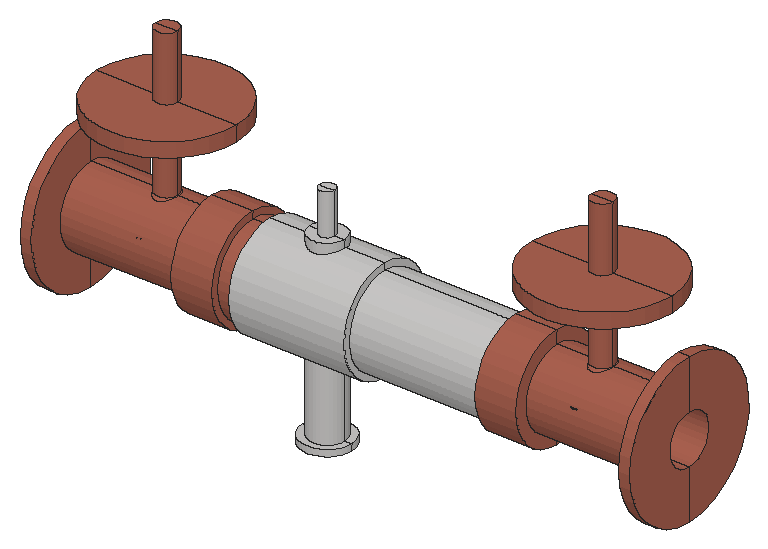
Revit family "Reduced_Pressure_Zone_Assemblies-Backflow_Prevention-WATTS-WATTS-957_Series", category Pipe Accessories, Revit 2019
Family settings
  Round Connector Dimension = Use Radius
  Part Type = Valve - Breaks Into
  OmniClass Number = 23.65.55.14.21
  OmniClass Title = Non-Return Valves for Liquid Services
  Work Plane-Based = No
  Always vertical = Yes
  Cut with Voids When Loaded = No
  Shared = Yes
Parameters (values of type "957NRS - 2.5"")
  Warranty Information = "1 Year (Limited)"
  URL = "http://www.watts.com/"
  Type Comments = ""
  Shipping Weight = 118.00 lbf
  Region = "North America"  # constant formula
  Product data url = "https://bimobject.com/watts/product/899"
  Product Page URL = "http://www.watts.com/pages/_products_details.asp?pid=899"
  Product Documentation Link = "http://media.wattswater.com/ES-957-957N-957Z.pdf"
  Price = "Prices may vary. Please consult Manufacturer Representative for most up-to-date price list."  # constant formula
  Nominal Radius = 1 1/4"
  Nominal Height = 6 1/2"
  Nominal Diameter = Nominal Radius * 2  # 2 1/2"
  Model = "957"  # constant formula
  Max. Working Pressure = " 175psi (12.1 bar)"  # constant formula
  Material = "Metal-WATTS-304 Series-Stainless Steel"
  Manufacturer Product Line = "Backflow Prevention"  # constant formula
  Manufacturer = "WATTS"
  GV_Inlet_To_GV_Outlet = 30 3/4"
  GV_Handle_Rad = 3 17/32"
  GV_Handle_Height = 9 3/8"
  Description = "Series 957, 957N, 957Z Reduced Pressure Zone Assemblies prevent the reverse flow of polluted water from entering into the potable water supply due to backsiphonage and or backpressure. It consists of stainless steel body, sleeve and torsion spring check valves. Series 957, 957N, 957Z has a compact design that is 70% lighter than traditional designs, and is ideal for health hazard piping applications for protection against backsiphonage or backpressure. Check with local water authorities for installation requirements. Maximum Working Pressure: 175psi (12.06 bar)."  # constant formula
  Creation Date = "20/12/2013"  # constant formula
  Country = "United States"  # constant formula
  Connection Type = "Flanged Connection"  # constant formula
  Connection Size = Nominal Diameter  # 2 1/2"
  Connection Radius = Nominal Radius  # 1 1/4"
  Connection Outlet Description = "2.5\" Connection Outlet"
  Connection Inlet Description = "2.5\" Connection Inlet"
  Assembly Code = "D2090800"
  Air Gap - 957AG = no
Types (13): name | Shipping Weight | Nominal Radius | Nominal Height | Nominal Diameter | GV_Inlet_To_GV_Outlet | GV_Handle_Rad | GV_Handle_Height | Connection Size | Connection Radius | Connection Outlet Description | Connection Inlet Description
  (no name) | 118.00 lbf | 1 1/4" | 6 1/2" | 2 1/2" | 30 3/4" | 3 17/32" | 9 3/8" | 2 1/2" | 1 1/4" | "2.5\" Connection Outlet" | "2.5\" Connection Inlet"
  957OSY - 2.5" | 128.00 lbf | 1 1/4" | 6 1/2" | 2 1/2" | 30 3/4" | 3 17/32" | 16 3/8" | 2 1/2" | 1 1/4" | "2.5\" Connection Outlet" | "2.5\" Connection Inlet"
  957OSY - 3" | 148.00 lbf | 1 1/2" | 6 11/16" | 3" | 31 3/4" | 3 3/4" | 18 7/8" | 3" | 1 1/2" | "3\" Connection Outlet" | "3\" Connection Inlet"
  957OSY - 10" | 783.00 lbf | 5" | 11 3/16" | 10" | 57 3/4" | 8" | 45 3/4" | 10" | 5" | "10\" Connection Outlet" | "10\" Connection Inlet"
  957OSY - 4" | 164.00 lbf | 2" | 7" | 4" | 33 3/4" | 4 1/2" | 22 3/4" | 4" | 2" | "4\" Connection Outlet" | "4\" Connection Inlet"
  957OSY - 6" | 298.00 lbf | 3" | 8 1/2" | 6" | 43 1/2" | 5 1/2" | 30 1/8" | 6" | 3" | "6\" Connection Outlet" | "6\" Connection Inlet"
  957OSY - 8" | 483.00 lbf | 4" | 9 11/16" | 8" | 49 3/4" | 6 3/4" | 37 3/4" | 8" | 4" | "8\" Connection Outlet" | "8\" Connection Inlet"
  957NRS - 2.5" | 118.00 lbf | 1 1/4" | 6 1/2" | 2 1/2" | 30 3/4" | 3 17/32" | 9 3/8" | 2 1/2" | 1 1/4" | "2.5\" Connection Outlet" | "2.5\" Connection Inlet"
  957NRS - 3" | 134.00 lbf | 1 1/2" | 6 11/16" | 3" | 31 3/4" | 3 3/4" | 10 1/4" | 3" | 1 1/2" | "3\" Connection Outlet" | "3\" Connection Inlet"
  957NRS - 4" | 164.00 lbf | 2" | 7" | 4" | 33 3/4" | 4 1/2" | 12 3/16" | 4" | 2" | "4\" Connection Outlet" | "4\" Connection Inlet"
  957NRS - 6" | 276.00 lbf | 3" | 8 1/2" | 6" | 43 1/2" | 5 1/2" | 16" | 6" | 3" | "6\" Connection Outlet" | "6\" Connection Inlet"
  957NRS - 8" | 441.00 lbf | 4" | 9 11/16" | 8" | 49 3/4" | 6 3/4" | 19 15/16" | 8" | 4" | "8\" Connection Outlet" | "8\" Connection Inlet"
  957NRS - 10" | 723.00 lbf | 5" | 11 3/16" | 10" | 57 3/4" | 8" | 23 13/16" | 10" | 5" | "10\" Connection Outlet" | "10\" Connection Inlet"
Reference planes (in)
  plane 1 "Center (Front/Back)": y = 0
  plane 2: z = 0
  plane 3 "Center (Left/Right)": x = 0
  plane 4: x = -15.375
  plane 5: x = 15.375
  plane 6: z = 9.375
  plane 7: x = -10.99
  plane 8: x = 10.99
  plane 9: x = -8.69
  plane 10: x = -6.64
  plane 11: x = -5.77
  plane 12: x = 8.69
  plane 13: x = 6.64
  plane 14: x = -14.825
  plane 15: x = 14.825
  plane 16: x = 14.52125
  plane 17: x = -14.52125
  plane 18: z = 1.25
  plane 19: z = 1.96733
  plane 20: z = 2.58
  plane 21: z = 3.74
  plane 22: z = 2.245
  plane 23: z = -1.25
  plane 24: z = -1.96733
  plane 25: z = -2.58
  plane 26: z = -3.74
  plane 27: z = -2.245
  plane 28: z = 0.5
  plane 29: z = -0.5
  plane 30: y = 1.25
  plane 31: y = -1.25
  plane 32: y = 1.85
  plane 33: y = -1.85
  plane 34: y = 12.57
  plane 35: y = 8.57
  plane 36: y = 0.58
  plane 37: y = -0.58
  plane 38: y = 1.96733
  plane 39: y = 2.245
  plane 40: y = 2.58
  plane 41: x = -8.165
  plane 42: x = -7.165
  plane 43: y = 3.74
  plane 44: y = 10.07
  plane 45: x = 8.165
  plane 46: x = 7.165
  plane 47: y = 11.07
  plane 48: y = -1.96733
  plane 49: y = -2.245
  plane 50: y = -2.58
  plane 51: y = -3.74
  plane 52: y = 1.25
  plane 53: y = 3.53125
  plane 54: y = -1.25
  plane 55: y = -3.53125
  plane 56: x = -15.375
  plane 57: x = -7.6875
  plane 58: x = 0
  plane 59: x = 7.6875
  plane 60: x = 15.375
  plane 61: x = -3.02
  plane 62: x = -8.69
  plane 63: x = -6.64
  plane 64: x = -5.77
  plane 65: x = -2.885
  plane 66: z = -6.5
  plane 67: x = -2.885
  plane 68: x = -8.69
  plane 69: x = -6.64
  plane 70: x = -5.77
Forms (in)
  Revolve 1, solid, material "Metal-WATTS-Bronze Nickel Plated"
    sketch origin (-15.74, 0, 0) x (1, 0, 0) y (0, 0, 1)
      loop
        line (7.05, 1.96733) -> (0.915, 1.96733) -> (0.915, 3.74) -> (0.365, 3.74) -> (0.365, 1.25) -> (2.8988, 1.25) -> (2.8988, 0) -> (28.58619, 0) -> (28.58619, 1.25) -> (31.115, 1.25) -> (31.115, 3.74) -> (30.565, 3.74) -> (30.565, 1.96733) -> (24.43, 1.96733) -> (24.43, 2.58) -> (22.38, 2.58) -> (22.38, 2.245) -> (15.74, 2.245) -> (15.74, 2.58) -> (9.97, 2.58) -> (9.97, 2.245) -> (9.1, 2.245) -> (9.1, 2.58) -> (7.05, 2.58) -> (7.05, 1.96733)
      axis (0.365, 0) -> (31.115, 0)
    angle from 0 to 360
  Revolve 2, solid, material "Metal-WATTS-304 Series-Stainless Steel"
    sketch origin (-15.292, 0, 0) x (1, 0, 0) y (0, 0, 1)
      loop
        line (12.027, 4.97) -> (12.027, 2.92) -> (11.527, 2.92) -> (11.527, -6.1734) -> (11.157, -6.1734) -> (11.157, -6.5) -> (12.407, -6.5) -> (12.407, 4.97) -> (12.027, 4.97)
      axis (12.407, 4.97) -> (12.407, -6.5)
    angle from 0 to 360
  Revolve 3, solid, material "Metal-WATTS-Bronze Nickel Plated"
    sketch origin (17.115, 0, 0) x (-1, 0, 0) y (0, 0, -1)
      loop
        line (6.125, 0) -> (4.275, 0) -> (4.275, -0.675) -> (5.575, -1.975) -> (5.575, -5.425) -> (2.59375, -5.425) -> (2.59375, -6.175) -> (5.575, -6.175) -> (5.575, -9.375) -> (6.125, -9.375) -> (6.125, 0)
      axis (6.125, -9.375) -> (6.125, 0)
    angle from 0 to 360
  Revolve 4, solid, material "Metal-WATTS-Bronze Nickel Plated"
    sketch origin (-17.115, 0, 0) x (1, 0, 0) y (0, 0, 1)
      loop
        line (6.125, 0) -> (6.125, 9.375) -> (5.575, 9.375) -> (5.575, 6.175) -> (2.59375, 6.175) -> (2.59375, 5.425) -> (5.575, 5.425) -> (5.575, 1.975) -> (4.275, 0.675) -> (4.275, 0) -> (6.125, 0)
      axis (6.125, 9.375) -> (6.125, 0)
    angle from 0 to 360
Lines and regions (in)
  Masking region 1, detail levels fine
    outline origin (0, 0, 0) x (1, 0, 0) y (0, 1, 0)
      loop
        line (-15.375, 3.74) -> (-15.375, -3.74) -> (-14.825, -3.74) -> (-14.825, -1.96733) -> (-8.69, -1.96733) -> (-8.69, -2.58) -> (-6.64, -2.58) -> (-6.64, -2.245) -> (-5.77, -2.245) -> (-5.77, -2.58) -> (0, -2.58) -> (0, -2.245) -> (6.64, -2.245) -> (6.64, -2.58) -> (8.69, -2.58) -> (8.69, -1.96733) -> (14.825, -1.96733) -> (14.825, -3.74) -> (15.375, -3.74) -> (15.375, 3.74) -> (14.825, 3.74) -> (14.825, 1.96733) -> (8.69, 1.96733) -> (8.69, 2.58) -> (6.64, 2.58) -> (6.64, 2.245) -> (0, 2.245) -> (0, 2.58) -> (-5.77, 2.58) -> (-5.77, 2.245) -> (-6.64, 2.245) -> (-6.64, 2.58) -> (-8.69, 2.58) -> (-8.69, 1.96733) -> (-14.825, 1.96733) -> (-14.825, 3.74) -> (-15.375, 3.74)
  Masking region 2, detail levels fine
    outline origin (0, 0, 0) x (1, 0, 0) y (0, 1, 0)
      loop
        circle (-10.99, 0) r 3.53125
      loop
        circle (10.99, 0) r 3.53125
  symbolic lines, style "PipeAccessory", detail levels fine
    curve 1: line (-14.825, -1.96733, 0) -> (-14.825, 1.96733, 0)
    curve 2: line (-6.64, -2.245, 0) -> (-6.64, 2.245, 0)
    curve 3: line (-5.77, -2.245, 0) -> (-5.77, 2.245, 0)
    curve 4: line (0, -2.245, 0) -> (0, 2.245, 0)
    curve 5: line (6.64, -2.245, 0) -> (6.64, 2.245, 0)
    curve 6: line (-8.165, 2.58, 0) -> (-7.165, 2.58, 0)
    curve 7: line (7.165, 2.58, 0) -> (8.165, 2.58, 0)
    curve 8: line (14.825, 1.96733, 0) -> (14.825, -1.96733, 0)
    curve 9: circle (-2.885, 0, 0) r 0.38 normal (0, 0, 1)
    curve 10: circle (-2.885, 0, 0) r 0.88 normal (0, 0, 1)
    curve 11: circle (-2.885, 0, 0) r 1.25 normal (0, 0, 1)
  model lines, detail levels coarse+medium
    curve 12: line (-15.375, 1.41021, 0) -> (-15.375, -1.41021, 0)
    curve 13: line (-7.6875, 1.41021, 0) -> (-7.6875, -1.41021, 0)
    curve 14: line (-7.6875, 1.41021, 0) -> (0, -1.41021, 0)
    curve 15: line (0, -1.41021, 0) -> (0, 1.41021, 0)
    curve 16: line (-7.6875, 1.41021, 0) -> (-15.375, -1.41021, 0)
    curve 17: line (-15.375, 1.41021, 0) -> (-7.6875, -1.41021, 0)
    curve 18: line (-11.53125, 0, 0) -> (-11.53125, 1.41021, 0)
    curve 19: line (-11.53125, 1.41021, 0) -> (-11.05284, 1.41021, 0)
    curve 20: line (7.6875, 1.41021, 0) -> (7.6875, -1.41021, 0)
    curve 21: line (15.375, 1.41021, 0) -> (15.375, -1.41021, 0)
    curve 22: line (15.375, 1.41021, 0) -> (7.6875, -1.41021, 0)
    curve 23: line (7.6875, 1.41021, 0) -> (15.375, -1.41021, 0)
    curve 24: line (11.53125, 0, 0) -> (11.53125, 1.41021, 0)
    curve 25: line (11.05128, 1.41021, 0) -> (11.53125, 1.41021, 0)
    curve 26: line (0, 1.41021, 0) -> (7.6875, -1.41021, 0)
Dimensions and locks (in)
  "GV_Inlet_To_GV_Outlet": plane 5 to plane 4
  "GV_Handle_Height": plane 6 to plane 2
  equal spacing: plane 8, plane 3 "Center (Left/Right)", plane 7
  locked: plane 7 to plane 4 at 4.385
  locked: plane 8 to plane 5 at 4.385
  locked: plane 9 to plane 7 at 2.3
  locked: plane 8 to plane 12 at 2.3
  locked: plane 9 to plane 10 at 2.05
  locked: plane 10 to plane 11 at 0.87
  locked: plane 12 to plane 13 at 2.05
  locked: plane 14 to plane 4 at 0.55
  locked: plane 5 to plane 15 at 0.55
  "GV_Handle_Rad": plane 8 to plane 16
  Revolve 3 sketch curve to Revolve 3 sketch curve to Revolve 3 sketch curve to Revolve 3 sketch curve to Revolve 3 sketch curve = 3.2" locked, 3/4" locked, 3.45" locked, 1.3" locked
  Revolve 4 sketch curve to Revolve 4 sketch curve to Revolve 4 sketch curve to Revolve 4 sketch curve to Revolve 4 sketch curve = 1.3" locked, 3.45" locked, 3/4" locked, 3.2" locked
  locked: Revolve 1 sketch curve to plane 18 at 2.49  (x2)
  "Nominal Radius": plane 18 to plane 2
  locked: Revolve 2 sketch curve to plane 18 at 1.67
  locked: Revolve 2 sketch curve to plane 18 at 3.72
  locked: Revolve 1 sketch curve to plane 18 at 0.71733  (x2)
  locked: Revolve 1 sketch curve to plane 18 at 1.33
  locked: Revolve 1 sketch curve to plane 18 at 0.995
  "GV_Handle_Rad": plane 17 to plane 7
  locked: plane 8 to Revolve 1 sketch curve at 1.85619
  locked: plane 7 to Revolve 1 sketch curve at 1.8512
  locked: plane 19 to plane 18 at 0.71733
  locked: plane 20 to plane 19 at 0.61267
  locked: plane 21 to plane 22 at 1.495
  locked: plane 22 to plane 18 at 0.995
  locked: Revolve 4 sketch curve to plane 7 at 1.85
  locked: plane 8 to Revolve 3 sketch curve at 1.85
  "Nominal Radius": level to plane 23
  locked: plane 25 to plane 24 at 0.61267
  locked: plane 26 to plane 27 at 1.495
  locked: plane 23 to plane 24 at 0.71733
  locked: plane 23 to plane 27 at 0.995
  plane 7 to plane 41 to plane 42 = 2.825" locked, 1" locked
  plane 46 to plane 45 to plane 8 = 1" locked, 2.825" locked
  plane 43 to plane 40 to plane 39 to plane 38 to plane 52 = 1.16" locked, 0.335" locked, 0.27767" locked, 0.71733" locked
  "Nominal Radius": plane 52 to plane 1 "Center (Front/Back)"
  "GV_Handle_Rad": plane 53 to plane 1 "Center (Front/Back)"
  plane 51 to plane 50 to plane 49 to plane 48 to plane 54 = 1.16" locked, 0.335", 0.27767", 0.71733" locked
  "Nominal Radius": plane 54 to plane 1 "Center (Front/Back)"
  "GV_Handle_Rad": plane 1 "Center (Front/Back)" to plane 55
  plane 5 to plane 4 = 30 3/4"
  locked: plane 56 to plane 57 at 7.6875
  locked: plane 57 to plane 58 at 7.6875
  locked: plane 58 to plane 59 at 7.6875
  locked: plane 59 to plane 60 at 7.6875
  locked: curve 19 to plane 57 at 3.36534
  plane 59 to curve 25 = 3.36378"
  equal spacing: plane 56, curve 18, plane 57
  equal spacing: plane 59, curve 24, plane 60
  locked: plane 62 to plane 7 at 2.3
  locked: plane 62 to plane 63 at 2.05
  locked: plane 63 to plane 64 at 0.87
  equal spacing: plane 64, plane 65, plane 58
  "Nominal Height": level to Revolve 2 sketch curve
  locked: Revolve 2 sketch curve to plane 65 at 0.38
  locked: Revolve 2 sketch curve to plane 65 at 0.88
  locked: Revolve 2 sketch curve to plane 65 at 1.25
  locked: Revolve 2 sketch curve to Revolve 2 sketch curve at 0.3266
  "Nominal Height": plane 2 to plane 66
  locked: plane 68 to plane 7 at 2.3
  locked: plane 68 to plane 69 at 2.05
  locked: plane 69 to plane 70 at 0.87
  equal spacing: plane 58, plane 67, plane 70
  aligned and locked: Revolve 3 sketch curve to plane 16
  aligned and locked: plane 6 to Revolve 3  (x2)
  aligned and locked: Revolve 4 sketch curve to plane 17
  aligned and locked: Revolve 4 to plane 6
  aligned and locked: plane 18 to Revolve 1 sketch curve
  aligned and locked: Revolve 4 sketch curve to level
  aligned and locked: level to Revolve 1 sketch curve
  aligned and locked: Revolve 1 sketch curve to plane 20
  aligned and locked: Revolve 1 to plane 4
  aligned and locked: plane 5 to Revolve 1
  aligned and locked: Revolve 1 to plane 15  (x2)
  aligned and locked: Masking region 1 sketch curve to plane 43
  aligned and locked: Masking region 1 sketch curve to plane 51
  aligned and locked: Masking region 1 sketch curve to Masking region 1 sketch curve  (x3)
  aligned and locked: Masking region 1 sketch curve to plane 40
  aligned and locked: plane 50 to Masking region 1 sketch curve
  aligned and locked: Masking region 1 sketch curve to plane 39
  aligned and locked: plane 49 to Masking region 1 sketch curve
  aligned and locked: Masking region 1 to plane 15  (x2)
  aligned and locked: Masking region 1 to Revolve 1
  aligned and locked: Masking region 1 to curve 8  (x2)
  aligned and locked: Masking region 1 to curve 5  (x2)
  aligned and locked: Masking region 1 to curve 4  (x2)
  aligned and locked: Masking region 1 to curve 3  (x2)
  aligned and locked: Masking region 1 to curve 2  (x2)
  aligned and locked: Masking region 1 to curve 1  (x2)
  aligned and locked: Masking region 1 to curve 6
  aligned and locked: curve 10 to Revolve 2
  aligned and locked: curve 9 to Revolve 2
  aligned and locked: Masking region 2 sketch curve to Revolve 4
  aligned and locked: Masking region 2 sketch curve to Revolve 3
  aligned and locked: curve 12 to plane 56
  aligned and locked: curve 13 to plane 57
  aligned and locked: plane 58 to curve 15
  aligned and locked: curve 20 to plane 59
  aligned and locked: curve 21 to plane 60
  aligned and locked: plane 3 "Center (Left/Right)" to plane 58
  aligned and locked: Revolve 1 sketch curve to plane 3 "Center (Left/Right)"
  aligned and locked: plane 65 to Revolve 2 sketch curve
  aligned and locked: plane 2 to Revolve 3 sketch curve
  aligned and locked: plane 12 to Revolve 1 sketch curve
  aligned and locked: Revolve 1 sketch curve to plane 9
  aligned and locked: plane 10 to Revolve 1 sketch curve
  aligned and locked: Revolve 1 sketch curve to plane 11
  aligned and locked: Revolve 1 sketch curve to plane 13
  aligned and locked: plane 14 to Revolve 1
  aligned and locked: nested 1 to plane 66
  aligned and locked: nested 1 to plane 67
  aligned and locked: plane 1 "Center (Front/Back)" to nested 1
Automatic sketch dimensions
  Revolve 4 sketch curve to plane 6 = 0"
  Revolve 4 sketch curve to level = 0"
  Revolve 4 sketch curve to plane 7 = 0"  (x2)
  Revolve 4 sketch curve to plane 7 = 0.55"
  Revolve 4 sketch curve to Revolve 4 sketch curve = 0.55"
  Revolve 4 sketch curve to plane 6 = 7/8"
  plane 50 to Masking region 1 sketch curve = 0"  (x2)
  plane 48 to Masking region 1 sketch curve = 0"  (x2)
  Masking region 1 sketch curve to plane 38 = 0"  (x2)
  Masking region 1 sketch curve to plane 39 = 0"
  plane 41 to Masking region 1 sketch curve = 0.525"  (x2)
  Masking region 1 sketch curve to plane 42 = 0.525"
  Masking region 1 sketch curve to plane 46 = 0.525"  (x2)
  plane 45 to Masking region 1 sketch curve = 0.525"  (x2)
  Masking region 1 sketch curve to plane 15 = 0"  (x2)
  curve 8 to plane 15 = 0"
  plane 34 to curve 26 = 13.98021"
  curve 12 to curve 22 = 0"
  curve 20 to curve 23 = 0"
  curve 12 to curve 13 = 0"
  curve 13 to curve 14 = 0"
  curve 12 to curve 18 = 2.82042"
  curve 26 to curve 20 = 2.82042"
  curve 13 to curve 16 = 2.82042"
  curve 21 to curve 21 = 2.82042"
  curve 14 to curve 15 = 2.82042"
  curve 12 to curve 17 = 2.82042"
  curve 24 to curve 24 = 1.41021"
  Masking region 1 sketch curve to Masking region 1 sketch curve = 2.05"
  Masking region 1 sketch curve to plane 40 = 0"  (x2)
  curve 6 to plane 41 = 0"
  curve 6 to plane 42 = 0"
  curve 7 to plane 40 = 0"
  curve 7 to plane 46 = 0"
  curve 7 to plane 45 = 0"
  curve 9 to curve 11 = 0"  (x2)
  Revolve 3 sketch curve to plane 6 = 0"
  Revolve 3 sketch curve to level = 0"
  plane 8 to Revolve 3 sketch curve = 0"  (x2)
  Revolve 3 sketch curve to plane 8 = 0.55"  (x2)
  Revolve 3 sketch curve to Revolve 3 sketch curve = 2 5/8"
  curve 1 to plane 14 = 0"
  curve 4 to plane 3 "Center (Left/Right)" = 0"
  curve 2 to plane 42 = 0.525"
  curve 2 to curve 3 = 0.87"
  curve 5 to plane 46 = 0.525"
  Masking region 1 sketch curve to plane 4 = 0"
  Masking region 1 sketch curve to plane 14 = 0"  (x2)
  Masking region 1 sketch curve to plane 3 "Center (Left/Right)" = 0"  (x2)
  Masking region 1 sketch curve to plane 5 = 0"
  Masking region 1 sketch curve to Masking region 1 sketch curve = 0.87"  (x2)
  Revolve 1 sketch curve to plane 4 = 0"
  Revolve 1 sketch curve to plane 14 = 0"
  Revolve 1 sketch curve to level = 0"
  Revolve 1 sketch curve to plane 15 = 0"
  plane 5 to Revolve 1 sketch curve = 0"
  Revolve 1 sketch curve to plane 18 = 0"
  Revolve 1 sketch curve to plane 22 = 0"
  Revolve 1 sketch curve to plane 20 = 0"
  Revolve 1 sketch curve to plane 9 = 0.135"
  Revolve 1 sketch curve to plane 13 = 3.14"
  plane 65 to Revolve 2 sketch curve = 0"
  Revolve 2 sketch curve to Revolve 2 sketch curve = 0.05"
  Revolve 2 sketch curve to Revolve 2 sketch curve = 1"
  radius of curve 11 = 1 1/4"
Nested families (in)
  nested 1: "Air_Gaps-Backflow_Prevention-WATTS-957AG" at (-2.885, 0, -18.5), visible <- "Air Gap - 957AG", type "957AG"
Connectors (in)
  piping at (-15.375, 0, 0), diameter 2.5, driven by "Connection Inlet Description", driven by "Connection Radius"
    settings: on Revolve 1, index 1, connector inside diameter 24", connector length 0", flow factor 0, pipe flow 0 GPM, pressure drop 0.00 psi, fitting loss kfactor 0, connector angle 0.00°, fixture units 0, engagement length 0", angle of deflection 0.00°, flow configuration 0, flow direction 1, fitting loss method 0, system type 29, joint type 0, gender type 0, connector reference index 2, connector utility 0, adjustable connector no, is connector primary yes, connector description "2.5\" Connection Inlet"
  piping at (15.375, 0, 0), diameter 2.5, driven by "Connection Radius", driven by "Connection Outlet Description"
    settings: on Revolve 1, index 2, connector inside diameter 24", connector length 0", flow factor 0, pipe flow 0 GPM, pressure drop 0.00 psi, fitting loss kfactor 0, connector angle 0.00°, fixture units 0, engagement length 0", angle of deflection 0.00°, flow configuration 0, flow direction 2, fitting loss method 0, system type 29, joint type 0, gender type 0, connector reference index 1, connector utility 0, adjustable connector no, is connector primary no, connector description "2.5\" Connection Outlet"
Definition of nested family "Air_Gaps-Backflow_Prevention-WATTS-957AG"
  Parameters (values of type "957AG")
    Width = 7 1/2"
    URL = "http://www.watts.com"
    Product Page URL = "https://www.watts.com/products/plumbing-flow-control-solutions/backflow-preventers/backflow-preventer-accessories/air-gaps-watts/909agk"
    Product Documentation Link = "https://www.watts.com/dfsmedia/0533dbba17714b1ab581ab07a4cbb521/20289-source/es-ag-el-tc-pdf"
    Price = "Prices may vary. Please consult Manufacturer Representative for most up-to-date price list."  # constant formula
    Order Code = "0439190"
    Model = "957AG"
    Material = "Meta-Watts-Cast Iron"
    Manufacturer Product Line = "Backflow Prevention"  # constant formula
    Manufacturer = "WATTS"
    Height = 12"
    Description = "Air Gaps for Reduced Pressure Zone Assemblies provide an unobstructed, physical separation between the discharge end of a potable water supply line and an open receiving vessel.  The installation of an air gap and drain line are recommended on reduced pressure zone assemblies.  Air Gaps can be installed vertically or horizontally (vent elbow required for vertical installation.)"  # constant formula
    Creation Date = "4/5/24"  # constant formula
    C (NPT) = 3"
    Base Dimension = 2"
  Reference planes (in)
    plane 1 "Center (Front/Back)": y = 0
    plane 2: z = 0
    plane 3 "Center (Left/Right)": x = 0
    plane 4: z = 12
    plane 5: x = -3.75
    plane 6: x = 3.75
    plane 7: x = -1.5
    plane 8: x = 1.5
    plane 9: through (0, 0, 48) normal (-0.8387, -0.5446, 0)
    plane 10: through (0, 0, 48) normal (-0.5446, -0.8387, 0)
    plane 11: through (0, 0, 48) normal (-0.7071, -0.7071, 0)
    plane 12: through (0, 0, 48) normal (0.7071, -0.7071, 0)
    plane 13: through (0, 0, 48) normal (-0.8387, 0.5446, 0)
    plane 14: through (0, 0, 48) normal (-0.5446, 0.8387, 0)
    plane 15: through (0, 0, 48) normal (0.8387, 0.5446, 0)
    plane 16: through (0, 0, 48) normal (0.5446, 0.8387, 0)
    plane 17: through (0, 0, 48) normal (0.8387, -0.5446, 0)
    plane 18: through (0, 0, 48) normal (0.5446, -0.8387, 0)
  Forms (in)
    Revolve 1, solid
      sketch origin (0, 0, 0) x (1, 0, 0) y (0, 0, 1)
        loop
          line (0, 0) -> (0, 1.12066) -> (-1.25613, 1.12066)
          arc (-1.25613, 1.12066) -> (-2.76445, 2.28982) -> (-3.62383, 3.99376) r 4.33101
          line (-3.62383, 3.99376) -> (-1.79241, 11.37381) -> (-1.79241, 11.92118) -> (-0.66509, 11.92118) -> (-0.66509, 12) -> (-1.67484, 12) -> (-1.67484, 11.96464) -> (-1.91741, 11.96464) -> (-1.91741, 11.3894) -> (-3.74388, 3.88589)
          arc (-3.74388, 3.88589) -> (-3.7198, 3.85848) -> (-3.69072, 3.83643) r 0.18154
          arc (-3.69072, 3.83643) -> (-2.87288, 2.25639) -> (-1.5, 1.12476) r 4.43616
          line (-1.5, 1.12476) -> (-1.5, 0) -> (0, 0)
        axis (0, 0) -> (0, 12)
      angle from 0 to 360
    Extrusion 2, void
      sketch origin (0, 0, 0) x (1, 0, 0) y (0, 0, 1)
        loop
          line (-1.01092, 11.36598) -> (-1.84209, 4.75) -> (1.84209, 4.75) -> (1.01092, 11.36598) -> (-1.01092, 11.36598)
      from -4.3494 to 5.88858
    Extrusion 3, void
      sketch origin (0, 0, 0) x (0, -1, 0) y (0, 0, 1)
        loop
          line (-1.01092, 11.36598) -> (-1.84209, 4.75) -> (1.84209, 4.75) -> (1.01092, 11.36598) -> (-1.01092, 11.36598)
      from -4.3494 to 5.88858
  Cuts and joins
    Extrusion 2, Extrusion 3 cuts Revolve 1
  Dimensions and locks (in)
    "Height": plane 4 to level
    "Width": plane 6 to plane 5
    locked: plane 8 to plane 7 at 3
    equal spacing: plane 5, plane 3 "Center (Left/Right)", plane 6
  Automatic sketch dimensions
    Extrusion 2 sketch curve to plane 7 = 0.34209"
    plane 7 to Extrusion 2 sketch curve = 0.48908"
    plane 8 to Extrusion 2 sketch curve = 0.48908"
    Extrusion 2 sketch curve to plane 8 = 0.34209"
    level to Extrusion 2 sketch curve = 4 3/4"
    Extrusion 2 sketch curve to plane 4 = 0.63402"
    Extrusion 3 sketch curve to plane 1 "Center (Front/Back)" = 1.84209"
    Extrusion 3 sketch curve to plane 1 "Center (Front/Back)" = 1.01092"
    plane 1 "Center (Front/Back)" to Extrusion 3 sketch curve = 1.01092"
    plane 1 "Center (Front/Back)" to Extrusion 3 sketch curve = 1.84209"
    level to Extrusion 3 sketch curve = 4 3/4"
    Extrusion 3 sketch curve to plane 4 = 0.63402"
    Revolve 1 sketch curve to Revolve 1 sketch curve = 0"  (x2)
    Revolve 1 sketch curve to plane 4 = 0"
    Revolve 1 sketch curve to level = 0"
    Revolve 1 sketch curve to plane 7 = 0"
    Revolve 1 sketch curve to plane 3 "Center (Left/Right)" = 0"  (x2)
    Revolve 1 sketch curve to plane 4 = 0.03536"
    Revolve 1 sketch curve to plane 7 = 0.17484"
    Revolve 1 sketch curve to plane 7 = 0.29241"
    Revolve 1 sketch curve to Revolve 1 sketch curve = 1/8"
    plane 5 to Revolve 1 sketch curve = 0.15385"
    Revolve 1 sketch curve to Revolve 1 sketch curve = 0.02768"
    plane 5 to Revolve 1 sketch curve = 0.00612"
    plane 7 to Revolve 1 sketch curve = 0.24387"
    Revolve 1 sketch curve to plane 4 = 0.07882"
    Revolve 1 sketch curve to plane 3 "Center (Left/Right)" = 0.66509"
    plane 3 "Center (Left/Right)" to Revolve 1 sketch curve = 0.57786"
    level to Revolve 1 sketch curve = 1.12066"
    Revolve 1 sketch curve to Revolve 1 sketch curve = 0.00409"
    Revolve 1 sketch curve to Revolve 1 sketch curve = 2.76113"
    Revolve 1 sketch curve to Revolve 1 sketch curve = 0.10551"
    Revolve 1 sketch curve to Revolve 1 sketch curve = 0.00236"
    Revolve 1 sketch curve to Revolve 1 sketch curve = 0.54737"
    Revolve 1 sketch curve to Revolve 1 sketch curve = 0.0156"
    plane 4 to Revolve 1 sketch curve = 1/2"
    Revolve 1 sketch curve to Revolve 1 sketch curve = 1.88472"
  Connectors (in)
    piping at (0, 0, 0), diameter 3, driven by "C (NPT)"
      settings: on cut or joined group of Revolve 1, Extrusion 2, Extrusion 3, index 1, connector inside diameter 24", connector length 0", flow factor 0, pipe flow 0 GPM, pressure drop 0.00 psi, fitting loss kfactor 0, connector angle 0.00°, fixture units 0, engagement length 0", angle of deflection 0.00°, flow configuration 0, flow direction 2, fitting loss method 0, system type 29, joint type 0, gender type 0, connector reference index -1, connector utility 0, adjustable connector no, is connector primary yes, connector description "3\" NPT Outlet"
